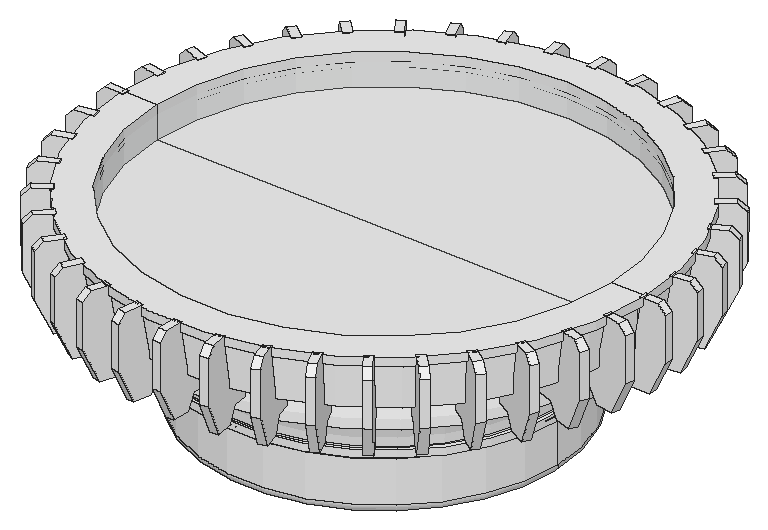
Revit family "HBLHO", category Lighting Fixtures, host Face, Revit 2014
Parameters
  Wattage Comments = "169W"  # constant formula
  Wattage = 112 W
  Watt = 169 W  # constant formula
  Warranty = "5 Year Warranty"
  built-in parameter 1150110 = 1 (stored number, unit not read)
  Voltage = 120 V
  URL = "http://www.hubbellindustrial.com/"
  built-in parameter 1114217 = 1 (stored number, unit not read)
  Tilt Angle = -90.00°
  built-in parameter 1150109 = 1 (stored number, unit not read)
  built-in parameter 1150134 = 2
  built-in parameter 1150113 = 1 (stored number, unit not read)
  Product Page URL = "https://www.hubbell.com/hubbellindustriallighting/en/Products/Lighting-Controls/Industrial-Lighting/Surface/HBLHO/p/212407"
  Product Documentation Link = "https://hubbellcdn.com/specsheet/hil_hblho_spec.pdf"
  Power Factor = 1
  Photometric Web File = "HBLHO72LUA25KN070WH.ies"
  Optics = "Narrow"
  Mounting Type = "Pendant, Wall, Ceiling, Stanchion, Cone"  # constant formula
  Model = "HBLHO"  # constant formula
  Material Finish = Paint - Hubbell - White Texture
  Manufacturer = "Hubbell Industrial Lighting"  # constant formula
  built-in parameter 1150105 = 811.05 (stored number, unit not read)
  Lumens = 10192 lm
  built-in parameter 1150115 = 1 (stored number, unit not read)
  Load Classification = Lighting
  built-in parameter 1150137 = (empty or 0)
  built-in parameter 1150139 = (empty or 0)
  built-in parameter 1150112 = 1 (stored number, unit not read)
  built-in parameter 1150114 = 1 (stored number, unit not read)
  Lamp = "LED"
  built-in parameter 1150132 = (empty or 0)
  built-in parameter 1150102 = (empty or 0)
  built-in parameter 1150107 = 5000 (stored number, unit not read)
  built-in parameter 1150138 = (empty or 0)
  built-in parameter 1150106 = 8.1105 (stored number, unit not read)
  IP Rating = "IP56"  # constant formula
  Glass = Hubbell - Glass
  Fastners = Paint - Hubbell - Light Silver
  Environmental Conditions = "Corrosive, Damp Location, Wet Location"  # constant formula
  Emit from Circle Diameter = 11.000"
  Emit Shape Visible in Rendering = no
  built-in parameter 1150104 = 8.4542 (stored number, unit not read)
  Dimming Protocol = "0-10V"
  Dimming Lamp Color Temperature Shift = <None>
  Description = "The HBLHO LED High Bay is designed to efficiently light any large interior space such as heavy industrial settings, warehouses, gyms, churches, swimming pools/natatorium and shopping malls."  # constant formula
  Default Elevation = 48.000"
  Contact us = "https://www.hubbell.com/hubbellindustriallighting/en/contactUs?productId=212407"
  Color Filter = 16777215
  Certification = "UL Sanitation certified per NSF standards,CSA,Wet Listed,Damp Listed,IP Rated,Food Processing (NSF)"  # constant formula
  built-in parameter 1114218 = 1 (stored number, unit not read)
  built-in parameter 1150133 = 10 (stored number, unit not read)
  Application = "Convention Center, Gymnasiums, Heavy Industrial"  # constant formula
  Apparent Load = Watt / Power Factor  # 169 VA
Reference planes (in)
  plane 1 "Center (Front/Back)": y = 0
  plane 2: z = 0
  plane 3 "Center (Left/Right)": x = 0
  plane 4: z = 8
  plane 5: x = -7
  plane 6: x = 7
  plane 7: y = 1
  plane 8: y = -1
  plane 9: x = -5.5
  plane 10: x = 5.5
  plane 11: z = 13
Dimensions and locks (in)
  plane 4 to plane 2 = 8.000"
  equal spacing: plane 7, plane 1 "Center (Front/Back)", plane 8
  locked: plane 7 to plane 8 at 2
  equal spacing: plane 6, plane 3 "Center (Left/Right)", plane 5, locked at 7 each
  plane 6 to plane 5 = 14.000"
  plane 10 to plane 9 = 11.000"
  aligned and locked: plane 2 to host face
  aligned and locked: level to host face
  aligned and locked: nested 1 to plane 3 "Center (Left/Right)"
  aligned and locked: nested 1 to plane 1 "Center (Front/Back)"
  aligned and locked: plane 3 "Center (Left/Right)" to imposter light
  aligned and locked: imposter light to plane 1 "Center (Front/Back)"
Automatic sketch dimensions
  host sketch curve to host sketch curve = 96.000"  (x2)
Nested families (in)
  nested 1: "KHL" at (0, 0, 7.25) x (-1, 0, 0) z (0, 0, 1), type "KHL"
Connectors (in)
  electrical at (0, 0, 7.25), driven by "Load Classification", driven by "Voltage", driven by "Apparent Load", driven by "Power Factor"
    settings: on nested 1, index 1, voltage 120 V, apparent load 169 VA, apparent load phase1 0 VA, apparent load phase2 0 VA, apparent load phase3 0 VA, power factor 1, load classification "Lighting", number of poles 1, system type 30, power factor state 1, is connector primary yes, connector utility no, sub classification motor no, connector description "Lighting Connector"
Definition of nested family "KHL"
  Parameters (values of type "KHL")
    Wattage Comments = ""
    URL = ""
    Model = ""
    Material Finish = Paint - Hubbell - White Texture
    Manufacturer = ""
    Lamp = ""
    IES FILE LINK = ""
    Glass = Hubbell - Glass
    Description = ""
    Default Elevation = 48.000"
    Apparent Load = 0 VA
  Reference planes (in)
    plane 1 "Center (Front/Back)": y = 0
    plane 2: z = 0
    plane 3 "Center (Left/Right)": x = 0
    plane 4: z = 6
    plane 5: x = -7.25
    plane 6: x = 7.25
    plane 7: x = -5.5
    plane 8: x = 5.5
    plane 9: x = -9
    plane 10: x = 9
    plane 11: y = -9
    plane 12: y = 9
    plane 13: x = -9
    plane 14: x = 9
    plane 15: through (-8.8892, 1.40791, -18.06561) normal (-0.9877, 0.1564, 0)
    plane 16: through (8.8892, -1.40791, -18.06561) normal (-0.9877, 0.1564, 0)
    plane 17: through (-8.55951, 2.78115, -18.06561) normal (-0.9511, 0.309, 0)
    plane 18: through (8.55951, -2.78115, -18.06561) normal (-0.9511, 0.309, 0)
    plane 19: through (-8.01906, 4.08591, -18.06561) normal (-0.891, 0.454, 0)
    plane 20: through (8.01906, -4.08591, -18.06561) normal (-0.891, 0.454, 0)
    plane 21: through (-7.28115, 5.29007, -18.06561) normal (-0.809, 0.5878, 0)
    plane 22: through (7.28115, -5.29007, -18.06561) normal (-0.809, 0.5878, 0)
    plane 23: through (-6.36396, 6.36396, -18.06561) normal (-0.7071, 0.7071, 0)
    plane 24: through (6.36396, -6.36396, -18.06561) normal (-0.7071, 0.7071, 0)
    plane 25: through (-5.29007, 7.28115, -18.06561) normal (-0.5878, 0.809, 0)
    plane 26: through (5.29007, -7.28115, -18.06561) normal (-0.5878, 0.809, 0)
    plane 27: through (-4.08591, 8.01906, -18.06561) normal (-0.454, 0.891, 0)
    plane 28: through (4.08591, -8.01906, -18.06561) normal (-0.454, 0.891, 0)
    plane 29: through (-2.78115, 8.55951, -18.06561) normal (-0.309, 0.9511, 0)
    plane 30: through (2.78115, -8.55951, -18.06561) normal (-0.309, 0.9511, 0)
    plane 31: through (-1.40791, 8.8892, -18.06561) normal (-0.1564, 0.9877, 0)
    plane 32: through (1.40791, -8.8892, -18.06561) normal (-0.1564, 0.9877, 0)
    plane 33: y = 9
    plane 34: y = -9
    plane 35: through (1.40791, 8.8892, -18.06561) normal (0.1564, 0.9877, 0)
    plane 36: through (-1.40791, -8.8892, -18.06561) normal (0.1564, 0.9877, 0)
    plane 37: through (2.78115, 8.55951, -18.06561) normal (0.309, 0.9511, 0)
    plane 38: through (-2.78115, -8.55951, -18.06561) normal (0.309, 0.9511, 0)
    plane 39: through (4.08591, 8.01906, -18.06561) normal (0.454, 0.891, 0)
    plane 40: through (-4.08591, -8.01906, -18.06561) normal (0.454, 0.891, 0)
    plane 41: through (5.29007, 7.28115, -18.06561) normal (0.5878, 0.809, 0)
    plane 42: through (-5.29007, -7.28115, -18.06561) normal (0.5878, 0.809, 0)
    plane 43: through (6.36396, 6.36396, -18.06561) normal (0.7071, 0.7071, 0)
    plane 44: through (-6.36396, -6.36396, -18.06561) normal (0.7071, 0.7071, 0)
    plane 45: through (7.28115, 5.29007, -18.06561) normal (0.809, 0.5878, 0)
    plane 46: through (-7.28115, -5.29007, -18.06561) normal (0.809, 0.5878, 0)
    plane 47: through (8.01906, 4.08591, -18.06561) normal (0.891, 0.454, 0)
    plane 48: through (-8.01906, -4.08591, -18.06561) normal (0.891, 0.454, 0)
    plane 49: through (8.55951, 2.78115, -18.06561) normal (0.9511, 0.309, 0)
    plane 50: through (-8.55951, -2.78115, -18.06561) normal (0.9511, 0.309, 0)
    plane 51: through (8.8892, 1.40791, -18.06561) normal (0.9877, 0.1564, 0)
    plane 52: through (-8.8892, -1.40791, -18.06561) normal (0.9877, 0.1564, 0)
    plane 53: x = 9
    plane 54: x = -9
    plane 55: through (8.8892, -1.40791, -18.06561) normal (0.9877, -0.1564, 0)
    plane 56: through (-8.8892, 1.40791, -18.06561) normal (0.9877, -0.1564, 0)
    plane 57: through (8.55951, -2.78115, -18.06561) normal (0.9511, -0.309, 0)
    plane 58: through (-8.55951, 2.78115, -18.06561) normal (0.9511, -0.309, 0)
    plane 59: through (8.01906, -4.08591, -18.06561) normal (0.891, -0.454, 0)
    plane 60: through (-8.01906, 4.08591, -18.06561) normal (0.891, -0.454, 0)
    plane 61: through (7.28115, -5.29007, -18.06561) normal (0.809, -0.5878, 0)
    plane 62: through (-7.28115, 5.29007, -18.06561) normal (0.809, -0.5878, 0)
    plane 63: through (6.36396, -6.36396, -18.06561) normal (0.7071, -0.7071, 0)
    plane 64: through (-6.36396, 6.36396, -18.06561) normal (0.7071, -0.7071, 0)
    plane 65: through (5.29007, -7.28115, -18.06561) normal (0.5878, -0.809, 0)
    plane 66: through (-5.29007, 7.28115, -18.06561) normal (0.5878, -0.809, 0)
    plane 67: through (4.08591, -8.01906, -18.06561) normal (0.454, -0.891, 0)
    plane 68: through (-4.08591, 8.01906, -18.06561) normal (0.454, -0.891, 0)
    plane 69: through (2.78115, -8.55951, -18.06561) normal (0.309, -0.9511, 0)
    plane 70: through (-2.78115, 8.55951, -18.06561) normal (0.309, -0.9511, 0)
    plane 71: through (1.40791, -8.8892, -18.06561) normal (0.1564, -0.9877, 0)
    plane 72: through (-1.40791, 8.8892, -18.06561) normal (0.1564, -0.9877, 0)
    plane 73: through (-1.40791, -8.8892, -18.06561) normal (-0.1564, -0.9877, 0)
    plane 74: through (1.40791, 8.8892, -18.06561) normal (-0.1564, -0.9877, 0)
    plane 75: through (-2.78115, -8.55951, -18.06561) normal (-0.309, -0.9511, 0)
    plane 76: through (2.78115, 8.55951, -18.06561) normal (-0.309, -0.9511, 0)
    plane 77: through (-4.08591, -8.01906, -18.06561) normal (-0.454, -0.891, 0)
    plane 78: through (4.08591, 8.01906, -18.06561) normal (-0.454, -0.891, 0)
    plane 79: through (-5.29007, -7.28115, -18.06561) normal (-0.5878, -0.809, 0)
    plane 80: through (5.29007, 7.28115, -18.06561) normal (-0.5878, -0.809, 0)
    plane 81: through (-6.36396, -6.36396, -18.06561) normal (-0.7071, -0.7071, 0)
    plane 82: through (6.36396, 6.36396, -18.06561) normal (-0.7071, -0.7071, 0)
    plane 83: through (-7.28115, -5.29007, -18.06561) normal (-0.809, -0.5878, 0)
    plane 84: through (7.28115, 5.29007, -18.06561) normal (-0.809, -0.5878, 0)
    plane 85: through (-8.01906, -4.08591, -18.06561) normal (-0.891, -0.454, 0)
    plane 86: through (8.01906, 4.08591, -18.06561) normal (-0.891, -0.454, 0)
    plane 87: through (-8.55951, -2.78115, -18.06561) normal (-0.9511, -0.309, 0)
    plane 88: through (8.55951, 2.78115, -18.06561) normal (-0.9511, -0.309, 0)
    plane 89: through (-8.8892, -1.40791, -18.06561) normal (-0.9877, -0.1564, 0)
    plane 90: through (8.8892, 1.40791, -18.06561) normal (-0.9877, -0.1564, 0)
  Forms (in)
    Extrusion 1, solid
      sketch origin (0, 0, 0) x (1, 0, 0) y (0, 1, 0)
        loop
          line (-48, 48) -> (-48, -48) -> (48, -48) -> (48, 48) -> (-48, 48)
      from 0 to -12
    Revolve 2, solid, material "Paint - Hubbell - White Texture" <- "Material Finish"
      sketch origin (0, 0, 0) x (1, 0, 0) y (0, 0, 1)
        loop
          line (5.5, 0.25) -> (5.5, 1.56868)
          arc (5.5, 1.56868) -> (5.55311, 1.69689) -> (5.68132, 1.75) r 0.18132
          line (5.68132, 1.75) -> (5.79677, 1.75) -> (5.79677, 1.97746) -> (5.6875, 1.97746) -> (5.6875, 2.0276)
          arc (5.6875, 2.0276) -> (6.08214, 2.98036) -> (7.0349, 3.375) r 1.3474
          line (7.0349, 3.375) -> (7.23385, 3.375)
          arc (7.23385, 3.375) -> (7.12959, 3.90778) -> (6.83219, 4.36196) r 1.4134
          line (6.83219, 4.36196) -> (6.83219, 4.43504) -> (8.03125, 4.43504) -> (8.03125, 5.74507) -> (8.28125, 5.74507) -> (8.28125, 6) -> (7.20302, 6) -> (7.20302, 5) -> (0, 5) -> (0, 0) -> (5.25, 0)
          arc (5.25, 0) -> (5.42678, 0.07322) -> (5.5, 0.25) r 0.25
        axis (0, 6) -> (0, 0)
      angle from 0 to 360
    Extrusion 3, solid, material "Hubbell - Glass" <- "Glass"
      sketch origin (0, 0, 0) x (1, 0, 0) y (0, 1, 0)
        loop
          circle (0, 0) r 7.20302
      from 5.71977 to 5.56262
    Extrusion 4, solid, material "Paint - Hubbell - White Texture" <- "Material Finish"
      sketch origin (1.75, 0, 0) x (1, 0, 0) y (0, 0, 1)
        loop
          line (6.42821, 6) -> (6.42821, 5.59247) -> (6.23107, 4.59805) -> (5.43029, 4.59805) -> (5.43029, 3.78903) -> (5.9375, 3.78903) -> (6.1875, 3.35602) -> (6.75, 3.35602) -> (7.25, 4.38117) -> (7.25, 5.75) -> (7, 6) -> (6.42821, 6)
      from 0.125 to -0.125
    Extrusion 5, solid, material "Paint - Hubbell - White Texture" <- "Material Finish"
      sketch origin (1.72845, -0.27376, 0) x (0.987688, -0.156434, 0) y (0, 0, 1)
        loop
          line (6.42821, 6) -> (6.42821, 5.59247) -> (6.23107, 4.59805) -> (5.43029, 4.59805) -> (5.43029, 3.78903) -> (5.9375, 3.78903) -> (6.1875, 3.35602) -> (6.75, 3.35602) -> (7.25, 4.38117) -> (7.25, 5.75) -> (7, 6) -> (6.42821, 6)
      from 0.125 to -0.125
    Extrusion 6, solid, material "Paint - Hubbell - White Texture" <- "Material Finish"
      sketch origin (1.66435, -0.54078, 0) x (0.951057, -0.309017, 0) y (0, 0, 1)
        loop
          line (6.42821, 6) -> (6.42821, 5.59247) -> (6.23107, 4.59805) -> (5.43029, 4.59805) -> (5.43029, 3.78903) -> (5.9375, 3.78903) -> (6.1875, 3.35602) -> (6.75, 3.35602) -> (7.25, 4.38117) -> (7.25, 5.75) -> (7, 6) -> (6.42821, 6)
      from 0.125 to -0.125
    Extrusion 7, solid, material "Paint - Hubbell - White Texture" <- "Material Finish"
      sketch origin (1.55926, -0.79448, 0) x (0.891007, -0.45399, 0) y (0, 0, 1)
        loop
          line (6.42821, 6) -> (6.42821, 5.59247) -> (6.23107, 4.59805) -> (5.43029, 4.59805) -> (5.43029, 3.78903) -> (5.9375, 3.78903) -> (6.1875, 3.35602) -> (6.75, 3.35602) -> (7.25, 4.38117) -> (7.25, 5.75) -> (7, 6) -> (6.42821, 6)
      from 0.125 to -0.125
    Extrusion 8, solid, material "Paint - Hubbell - White Texture" <- "Material Finish"
      sketch origin (1.41578, -1.02862, 0) x (0.809017, -0.587785, 0) y (0, 0, 1)
        loop
          line (6.42821, 6) -> (6.42821, 5.59247) -> (6.23107, 4.59805) -> (5.43029, 4.59805) -> (5.43029, 3.78903) -> (5.9375, 3.78903) -> (6.1875, 3.35602) -> (6.75, 3.35602) -> (7.25, 4.38117) -> (7.25, 5.75) -> (7, 6) -> (6.42821, 6)
      from 0.125 to -0.125
    Extrusion 9, solid, material "Paint - Hubbell - White Texture" <- "Material Finish"
      sketch origin (1.23744, -1.23744, 0) x (0.707107, -0.707107, 0) y (0, 0, 1)
        loop
          line (6.42821, 6) -> (6.42821, 5.59247) -> (6.23107, 4.59805) -> (5.43029, 4.59805) -> (5.43029, 3.78903) -> (5.9375, 3.78903) -> (6.1875, 3.35602) -> (6.75, 3.35602) -> (7.25, 4.38117) -> (7.25, 5.75) -> (7, 6) -> (6.42821, 6)
      from 0.125 to -0.125
    Extrusion 10, solid, material "Paint - Hubbell - White Texture" <- "Material Finish"
      sketch origin (1.02862, -1.41578, 0) x (0.587785, -0.809017, 0) y (0, 0, 1)
        loop
          line (6.42821, 6) -> (6.42821, 5.59247) -> (6.23107, 4.59805) -> (5.43029, 4.59805) -> (5.43029, 3.78903) -> (5.9375, 3.78903) -> (6.1875, 3.35602) -> (6.75, 3.35602) -> (7.25, 4.38117) -> (7.25, 5.75) -> (7, 6) -> (6.42821, 6)
      from 0.125 to -0.125
    Extrusion 11, solid, material "Paint - Hubbell - White Texture" <- "Material Finish"
      sketch origin (0.79448, -1.55926, 0) x (0.45399, -0.891007, 0) y (0, 0, 1)
        loop
          line (6.42821, 6) -> (6.42821, 5.59247) -> (6.23107, 4.59805) -> (5.43029, 4.59805) -> (5.43029, 3.78903) -> (5.9375, 3.78903) -> (6.1875, 3.35602) -> (6.75, 3.35602) -> (7.25, 4.38117) -> (7.25, 5.75) -> (7, 6) -> (6.42821, 6)
      from 0.125 to -0.125
    Extrusion 12, solid, material "Paint - Hubbell - White Texture" <- "Material Finish"
      sketch origin (0.54078, -1.66435, 0) x (0.309017, -0.951057, 0) y (0, 0, 1)
        loop
          line (6.42821, 6) -> (6.42821, 5.59247) -> (6.23107, 4.59805) -> (5.43029, 4.59805) -> (5.43029, 3.78903) -> (5.9375, 3.78903) -> (6.1875, 3.35602) -> (6.75, 3.35602) -> (7.25, 4.38117) -> (7.25, 5.75) -> (7, 6) -> (6.42821, 6)
      from 0.125 to -0.125
    Extrusion 13, solid, material "Paint - Hubbell - White Texture" <- "Material Finish"
      sketch origin (0.27376, -1.72845, 0) x (0.156434, -0.987688, 0) y (0, 0, 1)
        loop
          line (6.42821, 6) -> (6.42821, 5.59247) -> (6.23107, 4.59805) -> (5.43029, 4.59805) -> (5.43029, 3.78903) -> (5.9375, 3.78903) -> (6.1875, 3.35602) -> (6.75, 3.35602) -> (7.25, 4.38117) -> (7.25, 5.75) -> (7, 6) -> (6.42821, 6)
      from 0.125 to -0.125
    Extrusion 14, solid, material "Paint - Hubbell - White Texture" <- "Material Finish"
      sketch origin (0, -1.75, 0) x (0, -1, 0) y (0, 0, 1)
        loop
          line (6.42821, 6) -> (6.42821, 5.59247) -> (6.23107, 4.59805) -> (5.43029, 4.59805) -> (5.43029, 3.78903) -> (5.9375, 3.78903) -> (6.1875, 3.35602) -> (6.75, 3.35602) -> (7.25, 4.38117) -> (7.25, 5.75) -> (7, 6) -> (6.42821, 6)
      from 0.125 to -0.125
    Extrusion 15, solid, material "Paint - Hubbell - White Texture" <- "Material Finish"
      sketch origin (-0.27376, -1.72845, 0) x (-0.156434, -0.987688, 0) y (0, 0, 1)
        loop
          line (6.42821, 6) -> (6.42821, 5.59247) -> (6.23107, 4.59805) -> (5.43029, 4.59805) -> (5.43029, 3.78903) -> (5.9375, 3.78903) -> (6.1875, 3.35602) -> (6.75, 3.35602) -> (7.25, 4.38117) -> (7.25, 5.75) -> (7, 6) -> (6.42821, 6)
      from 0.125 to -0.125
    Extrusion 16, solid, material "Paint - Hubbell - White Texture" <- "Material Finish"
      sketch origin (-0.54078, -1.66435, 0) x (-0.309017, -0.951057, 0) y (0, 0, 1)
        loop
          line (6.42821, 6) -> (6.42821, 5.59247) -> (6.23107, 4.59805) -> (5.43029, 4.59805) -> (5.43029, 3.78903) -> (5.9375, 3.78903) -> (6.1875, 3.35602) -> (6.75, 3.35602) -> (7.25, 4.38117) -> (7.25, 5.75) -> (7, 6) -> (6.42821, 6)
      from 0.125 to -0.125
    Extrusion 17, solid, material "Paint - Hubbell - White Texture" <- "Material Finish"
      sketch origin (-0.79448, -1.55926, 0) x (-0.45399, -0.891007, 0) y (0, 0, 1)
        loop
          line (6.42821, 6) -> (6.42821, 5.59247) -> (6.23107, 4.59805) -> (5.43029, 4.59805) -> (5.43029, 3.78903) -> (5.9375, 3.78903) -> (6.1875, 3.35602) -> (6.75, 3.35602) -> (7.25, 4.38117) -> (7.25, 5.75) -> (7, 6) -> (6.42821, 6)
      from 0.125 to -0.125
    Extrusion 18, solid, material "Paint - Hubbell - White Texture" <- "Material Finish"
      sketch origin (-1.02862, -1.41578, 0) x (-0.587785, -0.809017, 0) y (0, 0, 1)
        loop
          line (6.42821, 6) -> (6.42821, 5.59247) -> (6.23107, 4.59805) -> (5.43029, 4.59805) -> (5.43029, 3.78903) -> (5.9375, 3.78903) -> (6.1875, 3.35602) -> (6.75, 3.35602) -> (7.25, 4.38117) -> (7.25, 5.75) -> (7, 6) -> (6.42821, 6)
      from 0.125 to -0.125
    Extrusion 19, solid, material "Paint - Hubbell - White Texture" <- "Material Finish"
      sketch origin (-1.23744, -1.23744, 0) x (-0.707107, -0.707107, 0) y (0, 0, 1)
        loop
          line (6.42821, 6) -> (6.42821, 5.59247) -> (6.23107, 4.59805) -> (5.43029, 4.59805) -> (5.43029, 3.78903) -> (5.9375, 3.78903) -> (6.1875, 3.35602) -> (6.75, 3.35602) -> (7.25, 4.38117) -> (7.25, 5.75) -> (7, 6) -> (6.42821, 6)
      from 0.125 to -0.125
    Extrusion 20, solid, material "Paint - Hubbell - White Texture" <- "Material Finish"
      sketch origin (-1.41578, -1.02862, 0) x (-0.809017, -0.587785, 0) y (0, 0, 1)
        loop
          line (6.42821, 6) -> (6.42821, 5.59247) -> (6.23107, 4.59805) -> (5.43029, 4.59805) -> (5.43029, 3.78903) -> (5.9375, 3.78903) -> (6.1875, 3.35602) -> (6.75, 3.35602) -> (7.25, 4.38117) -> (7.25, 5.75) -> (7, 6) -> (6.42821, 6)
      from 0.125 to -0.125
    Extrusion 21, solid, material "Paint - Hubbell - White Texture" <- "Material Finish"
      sketch origin (-1.55926, -0.79448, 0) x (-0.891007, -0.45399, 0) y (0, 0, 1)
        loop
          line (6.42821, 6) -> (6.42821, 5.59247) -> (6.23107, 4.59805) -> (5.43029, 4.59805) -> (5.43029, 3.78903) -> (5.9375, 3.78903) -> (6.1875, 3.35602) -> (6.75, 3.35602) -> (7.25, 4.38117) -> (7.25, 5.75) -> (7, 6) -> (6.42821, 6)
      from 0.125 to -0.125
    Extrusion 22, solid, material "Paint - Hubbell - White Texture" <- "Material Finish"
      sketch origin (-1.66435, -0.54078, 0) x (-0.951057, -0.309017, 0) y (0, 0, 1)
        loop
          line (6.42821, 6) -> (6.42821, 5.59247) -> (6.23107, 4.59805) -> (5.43029, 4.59805) -> (5.43029, 3.78903) -> (5.9375, 3.78903) -> (6.1875, 3.35602) -> (6.75, 3.35602) -> (7.25, 4.38117) -> (7.25, 5.75) -> (7, 6) -> (6.42821, 6)
      from 0.125 to -0.125
    Extrusion 23, solid, material "Paint - Hubbell - White Texture" <- "Material Finish"
      sketch origin (-1.72845, -0.27376, 0) x (-0.987688, -0.156434, 0) y (0, 0, 1)
        loop
          line (6.42821, 6) -> (6.42821, 5.59247) -> (6.23107, 4.59805) -> (5.43029, 4.59805) -> (5.43029, 3.78903) -> (5.9375, 3.78903) -> (6.1875, 3.35602) -> (6.75, 3.35602) -> (7.25, 4.38117) -> (7.25, 5.75) -> (7, 6) -> (6.42821, 6)
      from 0.125 to -0.125
    Extrusion 24, solid, material "Paint - Hubbell - White Texture" <- "Material Finish"
      sketch origin (-1.75, 0, 0) x (-1, 0, 0) y (0, 0, 1)
        loop
          line (6.42821, 6) -> (6.42821, 5.59247) -> (6.23107, 4.59805) -> (5.43029, 4.59805) -> (5.43029, 3.78903) -> (5.9375, 3.78903) -> (6.1875, 3.35602) -> (6.75, 3.35602) -> (7.25, 4.38117) -> (7.25, 5.75) -> (7, 6) -> (6.42821, 6)
      from 0.125 to -0.125
    Extrusion 25, solid, material "Paint - Hubbell - White Texture" <- "Material Finish"
      sketch origin (-1.72845, 0.27376, 0) x (-0.987688, 0.156434, 0) y (0, 0, 1)
        loop
          line (6.42821, 6) -> (6.42821, 5.59247) -> (6.23107, 4.59805) -> (5.43029, 4.59805) -> (5.43029, 3.78903) -> (5.9375, 3.78903) -> (6.1875, 3.35602) -> (6.75, 3.35602) -> (7.25, 4.38117) -> (7.25, 5.75) -> (7, 6) -> (6.42821, 6)
      from 0.125 to -0.125
    Extrusion 26, solid, material "Paint - Hubbell - White Texture" <- "Material Finish"
      sketch origin (-1.66435, 0.54078, 0) x (-0.951057, 0.309017, 0) y (0, 0, 1)
        loop
          line (6.42821, 6) -> (6.42821, 5.59247) -> (6.23107, 4.59805) -> (5.43029, 4.59805) -> (5.43029, 3.78903) -> (5.9375, 3.78903) -> (6.1875, 3.35602) -> (6.75, 3.35602) -> (7.25, 4.38117) -> (7.25, 5.75) -> (7, 6) -> (6.42821, 6)
      from 0.125 to -0.125
    Extrusion 27, solid, material "Paint - Hubbell - White Texture" <- "Material Finish"
      sketch origin (-1.55926, 0.79448, 0) x (-0.891007, 0.45399, 0) y (0, 0, 1)
        loop
          line (6.42821, 6) -> (6.42821, 5.59247) -> (6.23107, 4.59805) -> (5.43029, 4.59805) -> (5.43029, 3.78903) -> (5.9375, 3.78903) -> (6.1875, 3.35602) -> (6.75, 3.35602) -> (7.25, 4.38117) -> (7.25, 5.75) -> (7, 6) -> (6.42821, 6)
      from 0.125 to -0.125
    Extrusion 28, solid, material "Paint - Hubbell - White Texture" <- "Material Finish"
      sketch origin (-1.41578, 1.02862, 0) x (-0.809017, 0.587785, 0) y (0, 0, 1)
        loop
          line (6.42821, 6) -> (6.42821, 5.59247) -> (6.23107, 4.59805) -> (5.43029, 4.59805) -> (5.43029, 3.78903) -> (5.9375, 3.78903) -> (6.1875, 3.35602) -> (6.75, 3.35602) -> (7.25, 4.38117) -> (7.25, 5.75) -> (7, 6) -> (6.42821, 6)
      from 0.125 to -0.125
    Extrusion 29, solid, material "Paint - Hubbell - White Texture" <- "Material Finish"
      sketch origin (-1.23744, 1.23744, 0) x (-0.707107, 0.707107, 0) y (0, 0, 1)
        loop
          line (6.42821, 6) -> (6.42821, 5.59247) -> (6.23107, 4.59805) -> (5.43029, 4.59805) -> (5.43029, 3.78903) -> (5.9375, 3.78903) -> (6.1875, 3.35602) -> (6.75, 3.35602) -> (7.25, 4.38117) -> (7.25, 5.75) -> (7, 6) -> (6.42821, 6)
      from 0.125 to -0.125
    Extrusion 30, solid, material "Paint - Hubbell - White Texture" <- "Material Finish"
      sketch origin (-1.02862, 1.41578, 0) x (-0.587785, 0.809017, 0) y (0, 0, 1)
        loop
          line (6.42821, 6) -> (6.42821, 5.59247) -> (6.23107, 4.59805) -> (5.43029, 4.59805) -> (5.43029, 3.78903) -> (5.9375, 3.78903) -> (6.1875, 3.35602) -> (6.75, 3.35602) -> (7.25, 4.38117) -> (7.25, 5.75) -> (7, 6) -> (6.42821, 6)
      from 0.125 to -0.125
    Extrusion 31, solid, material "Paint - Hubbell - White Texture" <- "Material Finish"
      sketch origin (-0.79448, 1.55926, 0) x (-0.45399, 0.891007, 0) y (0, 0, 1)
        loop
          line (6.42821, 6) -> (6.42821, 5.59247) -> (6.23107, 4.59805) -> (5.43029, 4.59805) -> (5.43029, 3.78903) -> (5.9375, 3.78903) -> (6.1875, 3.35602) -> (6.75, 3.35602) -> (7.25, 4.38117) -> (7.25, 5.75) -> (7, 6) -> (6.42821, 6)
      from 0.125 to -0.125
    Extrusion 32, solid, material "Paint - Hubbell - White Texture" <- "Material Finish"
      sketch origin (-0.54078, 1.66435, 0) x (-0.309017, 0.951057, 0) y (0, 0, 1)
        loop
          line (6.42821, 6) -> (6.42821, 5.59247) -> (6.23107, 4.59805) -> (5.43029, 4.59805) -> (5.43029, 3.78903) -> (5.9375, 3.78903) -> (6.1875, 3.35602) -> (6.75, 3.35602) -> (7.25, 4.38117) -> (7.25, 5.75) -> (7, 6) -> (6.42821, 6)
      from 0.125 to -0.125
    Extrusion 33, solid, material "Paint - Hubbell - White Texture" <- "Material Finish"
      sketch origin (-0.27376, 1.72845, 0) x (-0.156434, 0.987688, 0) y (0, 0, 1)
        loop
          line (6.42821, 6) -> (6.42821, 5.59247) -> (6.23107, 4.59805) -> (5.43029, 4.59805) -> (5.43029, 3.78903) -> (5.9375, 3.78903) -> (6.1875, 3.35602) -> (6.75, 3.35602) -> (7.25, 4.38117) -> (7.25, 5.75) -> (7, 6) -> (6.42821, 6)
      from 0.125 to -0.125
    Extrusion 34, solid, material "Paint - Hubbell - White Texture" <- "Material Finish"
      sketch origin (0, 1.75, 0) x (0, 1, 0) y (0, 0, 1)
        loop
          line (6.42821, 6) -> (6.42821, 5.59247) -> (6.23107, 4.59805) -> (5.43029, 4.59805) -> (5.43029, 3.78903) -> (5.9375, 3.78903) -> (6.1875, 3.35602) -> (6.75, 3.35602) -> (7.25, 4.38117) -> (7.25, 5.75) -> (7, 6) -> (6.42821, 6)
      from 0.125 to -0.125
    Extrusion 35, solid, material "Paint - Hubbell - White Texture" <- "Material Finish"
      sketch origin (0.27376, 1.72845, 0) x (0.156434, 0.987688, 0) y (0, 0, 1)
        loop
          line (6.42821, 6) -> (6.42821, 5.59247) -> (6.23107, 4.59805) -> (5.43029, 4.59805) -> (5.43029, 3.78903) -> (5.9375, 3.78903) -> (6.1875, 3.35602) -> (6.75, 3.35602) -> (7.25, 4.38117) -> (7.25, 5.75) -> (7, 6) -> (6.42821, 6)
      from 0.125 to -0.125
    Extrusion 36, solid, material "Paint - Hubbell - White Texture" <- "Material Finish"
      sketch origin (0.54078, 1.66435, 0) x (0.309017, 0.951057, 0) y (0, 0, 1)
        loop
          line (6.42821, 6) -> (6.42821, 5.59247) -> (6.23107, 4.59805) -> (5.43029, 4.59805) -> (5.43029, 3.78903) -> (5.9375, 3.78903) -> (6.1875, 3.35602) -> (6.75, 3.35602) -> (7.25, 4.38117) -> (7.25, 5.75) -> (7, 6) -> (6.42821, 6)
      from 0.125 to -0.125
    Extrusion 37, solid, material "Paint - Hubbell - White Texture" <- "Material Finish"
      sketch origin (0.79448, 1.55926, 0) x (0.45399, 0.891007, 0) y (0, 0, 1)
        loop
          line (6.42821, 6) -> (6.42821, 5.59247) -> (6.23107, 4.59805) -> (5.43029, 4.59805) -> (5.43029, 3.78903) -> (5.9375, 3.78903) -> (6.1875, 3.35602) -> (6.75, 3.35602) -> (7.25, 4.38117) -> (7.25, 5.75) -> (7, 6) -> (6.42821, 6)
      from 0.125 to -0.125
    Extrusion 38, solid, material "Paint - Hubbell - White Texture" <- "Material Finish"
      sketch origin (1.02862, 1.41578, 0) x (0.587785, 0.809017, 0) y (0, 0, 1)
        loop
          line (6.42821, 6) -> (6.42821, 5.59247) -> (6.23107, 4.59805) -> (5.43029, 4.59805) -> (5.43029, 3.78903) -> (5.9375, 3.78903) -> (6.1875, 3.35602) -> (6.75, 3.35602) -> (7.25, 4.38117) -> (7.25, 5.75) -> (7, 6) -> (6.42821, 6)
      from 0.125 to -0.125
    Extrusion 39, solid, material "Paint - Hubbell - White Texture" <- "Material Finish"
      sketch origin (1.23744, 1.23744, 0) x (0.707107, 0.707107, 0) y (0, 0, 1)
        loop
          line (6.42821, 6) -> (6.42821, 5.59247) -> (6.23107, 4.59805) -> (5.43029, 4.59805) -> (5.43029, 3.78903) -> (5.9375, 3.78903) -> (6.1875, 3.35602) -> (6.75, 3.35602) -> (7.25, 4.38117) -> (7.25, 5.75) -> (7, 6) -> (6.42821, 6)
      from 0.125 to -0.125
    Extrusion 40, solid, material "Paint - Hubbell - White Texture" <- "Material Finish"
      sketch origin (1.41578, 1.02862, 0) x (0.809017, 0.587785, 0) y (0, 0, 1)
        loop
          line (6.42821, 6) -> (6.42821, 5.59247) -> (6.23107, 4.59805) -> (5.43029, 4.59805) -> (5.43029, 3.78903) -> (5.9375, 3.78903) -> (6.1875, 3.35602) -> (6.75, 3.35602) -> (7.25, 4.38117) -> (7.25, 5.75) -> (7, 6) -> (6.42821, 6)
      from 0.125 to -0.125
    Extrusion 41, solid, material "Paint - Hubbell - White Texture" <- "Material Finish"
      sketch origin (1.55926, 0.79448, 0) x (0.891007, 0.45399, 0) y (0, 0, 1)
        loop
          line (6.42821, 6) -> (6.42821, 5.59247) -> (6.23107, 4.59805) -> (5.43029, 4.59805) -> (5.43029, 3.78903) -> (5.9375, 3.78903) -> (6.1875, 3.35602) -> (6.75, 3.35602) -> (7.25, 4.38117) -> (7.25, 5.75) -> (7, 6) -> (6.42821, 6)
      from 0.125 to -0.125
    Extrusion 42, solid, material "Paint - Hubbell - White Texture" <- "Material Finish"
      sketch origin (1.66435, 0.54078, 0) x (0.951057, 0.309017, 0) y (0, 0, 1)
        loop
          line (6.42821, 6) -> (6.42821, 5.59247) -> (6.23107, 4.59805) -> (5.43029, 4.59805) -> (5.43029, 3.78903) -> (5.9375, 3.78903) -> (6.1875, 3.35602) -> (6.75, 3.35602) -> (7.25, 4.38117) -> (7.25, 5.75) -> (7, 6) -> (6.42821, 6)
      from 0.125 to -0.125
    Extrusion 43, solid, material "Paint - Hubbell - White Texture" <- "Material Finish"
      sketch origin (1.72845, 0.27376, 0) x (0.987688, 0.156434, 0) y (0, 0, 1)
        loop
          line (6.42821, 6) -> (6.42821, 5.59247) -> (6.23107, 4.59805) -> (5.43029, 4.59805) -> (5.43029, 3.78903) -> (5.9375, 3.78903) -> (6.1875, 3.35602) -> (6.75, 3.35602) -> (7.25, 4.38117) -> (7.25, 5.75) -> (7, 6) -> (6.42821, 6)
      from 0.125 to -0.125
  Lines and regions (in)
    reference lines
      curve 1: line (5.95302, 0, 4.75) -> (0, 0, 4.75)
      curve 2: line (5.95302, 0, 5.92266) -> (5.95302, 0, 4.75)
      curve 3: line (6.59375, 0, 5.37007) -> (6.59375, 0, 5.92266)
      curve 4: line (6.34375, 0, 5.37007) -> (6.59375, 0, 5.37007)
      curve 5: line (6.34375, 0, 4.37254) -> (5.5, 0, 4.37254)
      curve 6: line (6.34375, 0, 4.37254) -> (6.34375, 0, 5.37007)
      curve 7: arc (6.25, 0, 2.75) -> (6.14885, 0, 3.28681) -> (5.85927, 0, 3.75) r 1.47501
      curve 8: line (5.85927, 0, 2.75) -> (6.25, 0, 2.75)
      curve 9: line (5.85927, 0, 2.75) -> (5.85927, 0, 1.75)
      curve 10: line (5.85927, 0, 1.75) -> (4.74529, 0, 1.75)
      curve 11: line (5.85927, 0, 3.75) -> (4.8978, 0, 3.75)
      curve 12: line (5.10824, 0, 5.71977) -> (6.99125, 0, 5.71977)
  Dimensions and locks (in)
    locked: plane 4 to plane 2 at 6
    equal spacing: plane 6, plane 3 "Center (Left/Right)", plane 5
    equal spacing: plane 8, plane 3 "Center (Left/Right)", plane 7, locked at 5.5 each
    plane 4 to plane 2 = 6.000"
    aligned and locked: plane 2 to Extrusion 1
    aligned and locked: level to Extrusion 1
    aligned and locked: Revolve 2 sketch curve to plane 2
    aligned and locked: Extrusion 3 sketch curve to Revolve 2
    aligned and locked: curve 10 to Revolve 2 sketch curve
  Automatic sketch dimensions
    Extrusion 1 sketch curve to Extrusion 1 sketch curve = 96.000"  (x2)
    curve 1 to plane 3 "Center (Left/Right)" = 0.000"
    plane 8 to curve 5 = 0.000"
    plane 8 to curve 10 = 0.75471"
    plane 8 to curve 7 = 0.72501"
    plane 8 to curve 11 = 0.6022"
    plane 8 to curve 12 = 0.39176"
    curve 11 to plane 8 = 0.35927"
    curve 8 to plane 8 = 0.35927"
    curve 2 to plane 4 = 0.07734"
    curve 2 to plane 8 = 0.45302"
    curve 8 to curve 8 = 0.39073"
    curve 1 to curve 6 = 0.39073"
    curve 4 to curve 4 = 0.250"
    plane 6 to curve 12 = 0.25875"
    curve 12 to plane 4 = 0.28023"
    curve 6 to plane 4 = 0.62993"
    curve 2 to curve 4 = 0.62007"
    curve 5 to curve 1 = 0.37746"
    curve 11 to curve 5 = 0.62254"
    curve 9 to curve 8 = 1.000"
    curve 3 to plane 4 = 0.07734"
    Extrusion 4 sketch curve to Extrusion 4 sketch curve = 0.50721"
    Extrusion 4 sketch curve to Extrusion 4 sketch curve = 0.250"  (x3)
    Extrusion 4 sketch curve to Extrusion 4 sketch curve = 0.80078"
    Extrusion 4 sketch curve to Extrusion 4 sketch curve = 0.19714"
    Extrusion 4 sketch curve to Extrusion 4 sketch curve = 0.5625"
    Extrusion 4 sketch curve to Extrusion 4 sketch curve = 0.57179"
    Extrusion 4 sketch curve to Extrusion 4 sketch curve = 0.43301"
    Extrusion 4 sketch curve to Extrusion 4 sketch curve = 1.02515"
    Extrusion 4 sketch curve to Extrusion 4 sketch curve = 0.80901"
    Extrusion 4 sketch curve to Extrusion 4 sketch curve = 0.99442"
    Extrusion 4 sketch curve to Extrusion 4 sketch curve = 0.15753"
    Extrusion 5 sketch curve to Extrusion 5 sketch curve = 0.50721"
    Extrusion 5 sketch curve to Extrusion 5 sketch curve = 0.250"  (x3)
    Extrusion 5 sketch curve to Extrusion 5 sketch curve = 0.80078"
    Extrusion 5 sketch curve to Extrusion 5 sketch curve = 0.19714"
    Extrusion 5 sketch curve to Extrusion 5 sketch curve = 0.5625"
    Extrusion 5 sketch curve to Extrusion 5 sketch curve = 0.57179"
    Extrusion 5 sketch curve to Extrusion 5 sketch curve = 0.43301"
    Extrusion 5 sketch curve to Extrusion 5 sketch curve = 1.02515"
    Extrusion 5 sketch curve to Extrusion 5 sketch curve = 0.80901"
    Extrusion 5 sketch curve to Extrusion 5 sketch curve = 0.99442"
    Extrusion 5 sketch curve to Extrusion 5 sketch curve = 0.15753"
    Extrusion 6 sketch curve to Extrusion 6 sketch curve = 0.50721"
    Extrusion 6 sketch curve to Extrusion 6 sketch curve = 0.250"  (x3)
    Extrusion 6 sketch curve to Extrusion 6 sketch curve = 0.80078"
    Extrusion 6 sketch curve to Extrusion 6 sketch curve = 0.19714"
    Extrusion 6 sketch curve to Extrusion 6 sketch curve = 0.5625"
    Extrusion 6 sketch curve to Extrusion 6 sketch curve = 0.57179"
    Extrusion 6 sketch curve to Extrusion 6 sketch curve = 0.43301"
    Extrusion 6 sketch curve to Extrusion 6 sketch curve = 1.02515"
    Extrusion 6 sketch curve to Extrusion 6 sketch curve = 0.80901"
    Extrusion 6 sketch curve to Extrusion 6 sketch curve = 0.99442"
    Extrusion 6 sketch curve to Extrusion 6 sketch curve = 0.15753"
    Extrusion 7 sketch curve to Extrusion 7 sketch curve = 0.50721"
    Extrusion 7 sketch curve to Extrusion 7 sketch curve = 0.250"  (x3)
    Extrusion 7 sketch curve to Extrusion 7 sketch curve = 0.80078"
    Extrusion 7 sketch curve to Extrusion 7 sketch curve = 0.19714"
    Extrusion 7 sketch curve to Extrusion 7 sketch curve = 0.5625"
    Extrusion 7 sketch curve to Extrusion 7 sketch curve = 0.57179"
    Extrusion 7 sketch curve to Extrusion 7 sketch curve = 0.43301"
    Extrusion 7 sketch curve to Extrusion 7 sketch curve = 1.02515"
    Extrusion 7 sketch curve to Extrusion 7 sketch curve = 0.80901"
    Extrusion 7 sketch curve to Extrusion 7 sketch curve = 0.99442"
    Extrusion 7 sketch curve to Extrusion 7 sketch curve = 0.15753"
    Extrusion 8 sketch curve to Extrusion 8 sketch curve = 0.50721"
    Extrusion 8 sketch curve to Extrusion 8 sketch curve = 0.250"  (x3)
    Extrusion 8 sketch curve to Extrusion 8 sketch curve = 0.80078"
    Extrusion 8 sketch curve to Extrusion 8 sketch curve = 0.19714"
    Extrusion 8 sketch curve to Extrusion 8 sketch curve = 0.5625"
    Extrusion 8 sketch curve to Extrusion 8 sketch curve = 0.57179"
    Extrusion 8 sketch curve to Extrusion 8 sketch curve = 0.43301"
    Extrusion 8 sketch curve to Extrusion 8 sketch curve = 1.02515"
    Extrusion 8 sketch curve to Extrusion 8 sketch curve = 0.80901"
    Extrusion 8 sketch curve to Extrusion 8 sketch curve = 0.99442"
    Extrusion 8 sketch curve to Extrusion 8 sketch curve = 0.15753"
    Extrusion 9 sketch curve to Extrusion 9 sketch curve = 0.50721"
    Extrusion 9 sketch curve to Extrusion 9 sketch curve = 0.250"  (x3)
    Extrusion 9 sketch curve to Extrusion 9 sketch curve = 0.80078"
    Extrusion 9 sketch curve to Extrusion 9 sketch curve = 0.19714"
    Extrusion 9 sketch curve to Extrusion 9 sketch curve = 0.5625"
    Extrusion 9 sketch curve to Extrusion 9 sketch curve = 0.57179"
    Extrusion 9 sketch curve to Extrusion 9 sketch curve = 0.43301"
    Extrusion 9 sketch curve to Extrusion 9 sketch curve = 1.02515"
    Extrusion 9 sketch curve to Extrusion 9 sketch curve = 0.80901"
    Extrusion 9 sketch curve to Extrusion 9 sketch curve = 0.99442"
    Extrusion 9 sketch curve to Extrusion 9 sketch curve = 0.15753"
    Extrusion 10 sketch curve to Extrusion 10 sketch curve = 0.50721"
    Extrusion 10 sketch curve to Extrusion 10 sketch curve = 0.250"  (x3)
    Extrusion 10 sketch curve to Extrusion 10 sketch curve = 0.80078"
    Extrusion 10 sketch curve to Extrusion 10 sketch curve = 0.19714"
    Extrusion 10 sketch curve to Extrusion 10 sketch curve = 0.5625"
    Extrusion 10 sketch curve to Extrusion 10 sketch curve = 0.57179"
    Extrusion 10 sketch curve to Extrusion 10 sketch curve = 0.43301"
    Extrusion 10 sketch curve to Extrusion 10 sketch curve = 1.02515"
    Extrusion 10 sketch curve to Extrusion 10 sketch curve = 0.80901"
    Extrusion 10 sketch curve to Extrusion 10 sketch curve = 0.99442"
    Extrusion 10 sketch curve to Extrusion 10 sketch curve = 0.15753"
    Extrusion 11 sketch curve to Extrusion 11 sketch curve = 0.50721"
    Extrusion 11 sketch curve to Extrusion 11 sketch curve = 0.250"  (x3)
    Extrusion 11 sketch curve to Extrusion 11 sketch curve = 0.80078"
    Extrusion 11 sketch curve to Extrusion 11 sketch curve = 0.19714"
    Extrusion 11 sketch curve to Extrusion 11 sketch curve = 0.5625"
    Extrusion 11 sketch curve to Extrusion 11 sketch curve = 0.57179"
    Extrusion 11 sketch curve to Extrusion 11 sketch curve = 0.43301"
    Extrusion 11 sketch curve to Extrusion 11 sketch curve = 1.02515"
    Extrusion 11 sketch curve to Extrusion 11 sketch curve = 0.80901"
    Extrusion 11 sketch curve to Extrusion 11 sketch curve = 0.99442"
    Extrusion 11 sketch curve to Extrusion 11 sketch curve = 0.15753"
    Extrusion 12 sketch curve to Extrusion 12 sketch curve = 0.50721"
    Extrusion 12 sketch curve to Extrusion 12 sketch curve = 0.250"  (x3)
    Extrusion 12 sketch curve to Extrusion 12 sketch curve = 0.80078"
    Extrusion 12 sketch curve to Extrusion 12 sketch curve = 0.19714"
    Extrusion 12 sketch curve to Extrusion 12 sketch curve = 0.5625"
    Extrusion 12 sketch curve to Extrusion 12 sketch curve = 0.57179"
    Extrusion 12 sketch curve to Extrusion 12 sketch curve = 0.43301"
    Extrusion 12 sketch curve to Extrusion 12 sketch curve = 1.02515"
    Extrusion 12 sketch curve to Extrusion 12 sketch curve = 0.80901"
    Extrusion 12 sketch curve to Extrusion 12 sketch curve = 0.99442"
    Extrusion 12 sketch curve to Extrusion 12 sketch curve = 0.15753"
    Extrusion 13 sketch curve to Extrusion 13 sketch curve = 0.50721"
    Extrusion 13 sketch curve to Extrusion 13 sketch curve = 0.250"  (x3)
    Extrusion 13 sketch curve to Extrusion 13 sketch curve = 0.80078"
    Extrusion 13 sketch curve to Extrusion 13 sketch curve = 0.19714"
    Extrusion 13 sketch curve to Extrusion 13 sketch curve = 0.5625"
    Extrusion 13 sketch curve to Extrusion 13 sketch curve = 0.57179"
    Extrusion 13 sketch curve to Extrusion 13 sketch curve = 0.43301"
    Extrusion 13 sketch curve to Extrusion 13 sketch curve = 1.02515"
    Extrusion 13 sketch curve to Extrusion 13 sketch curve = 0.80901"
    Extrusion 13 sketch curve to Extrusion 13 sketch curve = 0.99442"
    Extrusion 13 sketch curve to Extrusion 13 sketch curve = 0.15753"
    Extrusion 14 sketch curve to Extrusion 14 sketch curve = 0.50721"
    Extrusion 14 sketch curve to Extrusion 14 sketch curve = 0.250"  (x3)
    Extrusion 14 sketch curve to Extrusion 14 sketch curve = 0.80078"
    Extrusion 14 sketch curve to Extrusion 14 sketch curve = 0.19714"
    Extrusion 14 sketch curve to Extrusion 14 sketch curve = 0.5625"
    Extrusion 14 sketch curve to Extrusion 14 sketch curve = 0.57179"
    Extrusion 14 sketch curve to Extrusion 14 sketch curve = 0.43301"
    Extrusion 14 sketch curve to Extrusion 14 sketch curve = 1.02515"
    Extrusion 14 sketch curve to Extrusion 14 sketch curve = 0.80901"
    Extrusion 14 sketch curve to Extrusion 14 sketch curve = 0.99442"
    Extrusion 14 sketch curve to Extrusion 14 sketch curve = 0.15753"
    Extrusion 15 sketch curve to Extrusion 15 sketch curve = 0.50721"
    Extrusion 15 sketch curve to Extrusion 15 sketch curve = 0.250"  (x3)
    Extrusion 15 sketch curve to Extrusion 15 sketch curve = 0.80078"
    Extrusion 15 sketch curve to Extrusion 15 sketch curve = 0.19714"
    Extrusion 15 sketch curve to Extrusion 15 sketch curve = 0.5625"
    Extrusion 15 sketch curve to Extrusion 15 sketch curve = 0.57179"
    Extrusion 15 sketch curve to Extrusion 15 sketch curve = 0.43301"
    Extrusion 15 sketch curve to Extrusion 15 sketch curve = 1.02515"
    Extrusion 15 sketch curve to Extrusion 15 sketch curve = 0.80901"
    Extrusion 15 sketch curve to Extrusion 15 sketch curve = 0.99442"
    Extrusion 15 sketch curve to Extrusion 15 sketch curve = 0.15753"
    Extrusion 16 sketch curve to Extrusion 16 sketch curve = 0.50721"
    Extrusion 16 sketch curve to Extrusion 16 sketch curve = 0.250"  (x3)
    Extrusion 16 sketch curve to Extrusion 16 sketch curve = 0.80078"
    Extrusion 16 sketch curve to Extrusion 16 sketch curve = 0.19714"
    Extrusion 16 sketch curve to Extrusion 16 sketch curve = 0.5625"
    Extrusion 16 sketch curve to Extrusion 16 sketch curve = 0.57179"
    Extrusion 16 sketch curve to Extrusion 16 sketch curve = 0.43301"
    Extrusion 16 sketch curve to Extrusion 16 sketch curve = 1.02515"
    Extrusion 16 sketch curve to Extrusion 16 sketch curve = 0.80901"
    Extrusion 16 sketch curve to Extrusion 16 sketch curve = 0.99442"
    Extrusion 16 sketch curve to Extrusion 16 sketch curve = 0.15753"
    Extrusion 17 sketch curve to Extrusion 17 sketch curve = 0.50721"
    Extrusion 17 sketch curve to Extrusion 17 sketch curve = 0.250"  (x3)
    Extrusion 17 sketch curve to Extrusion 17 sketch curve = 0.80078"
    Extrusion 17 sketch curve to Extrusion 17 sketch curve = 0.19714"
    Extrusion 17 sketch curve to Extrusion 17 sketch curve = 0.5625"
    Extrusion 17 sketch curve to Extrusion 17 sketch curve = 0.57179"
    Extrusion 17 sketch curve to Extrusion 17 sketch curve = 0.43301"
    Extrusion 17 sketch curve to Extrusion 17 sketch curve = 1.02515"
    Extrusion 17 sketch curve to Extrusion 17 sketch curve = 0.80901"
    Extrusion 17 sketch curve to Extrusion 17 sketch curve = 0.99442"
    Extrusion 17 sketch curve to Extrusion 17 sketch curve = 0.15753"
    Extrusion 18 sketch curve to Extrusion 18 sketch curve = 0.50721"
    Extrusion 18 sketch curve to Extrusion 18 sketch curve = 0.250"  (x3)
    Extrusion 18 sketch curve to Extrusion 18 sketch curve = 0.80078"
    Extrusion 18 sketch curve to Extrusion 18 sketch curve = 0.19714"
    Extrusion 18 sketch curve to Extrusion 18 sketch curve = 0.5625"
    Extrusion 18 sketch curve to Extrusion 18 sketch curve = 0.57179"
    Extrusion 18 sketch curve to Extrusion 18 sketch curve = 0.43301"
    Extrusion 18 sketch curve to Extrusion 18 sketch curve = 1.02515"
    Extrusion 18 sketch curve to Extrusion 18 sketch curve = 0.80901"
    Extrusion 18 sketch curve to Extrusion 18 sketch curve = 0.99442"
    Extrusion 18 sketch curve to Extrusion 18 sketch curve = 0.15753"
    Extrusion 19 sketch curve to Extrusion 19 sketch curve = 0.50721"
    Extrusion 19 sketch curve to Extrusion 19 sketch curve = 0.250"  (x3)
    Extrusion 19 sketch curve to Extrusion 19 sketch curve = 0.80078"
    Extrusion 19 sketch curve to Extrusion 19 sketch curve = 0.19714"
    Extrusion 19 sketch curve to Extrusion 19 sketch curve = 0.5625"
    Extrusion 19 sketch curve to Extrusion 19 sketch curve = 0.57179"
    Extrusion 19 sketch curve to Extrusion 19 sketch curve = 0.43301"
    Extrusion 19 sketch curve to Extrusion 19 sketch curve = 1.02515"
    Extrusion 19 sketch curve to Extrusion 19 sketch curve = 0.80901"
    Extrusion 19 sketch curve to Extrusion 19 sketch curve = 0.99442"
    Extrusion 19 sketch curve to Extrusion 19 sketch curve = 0.15753"
    Extrusion 20 sketch curve to Extrusion 20 sketch curve = 0.50721"
    Extrusion 20 sketch curve to Extrusion 20 sketch curve = 0.250"  (x3)
    Extrusion 20 sketch curve to Extrusion 20 sketch curve = 0.80078"
    Extrusion 20 sketch curve to Extrusion 20 sketch curve = 0.19714"
    Extrusion 20 sketch curve to Extrusion 20 sketch curve = 0.5625"
    Extrusion 20 sketch curve to Extrusion 20 sketch curve = 0.57179"
    Extrusion 20 sketch curve to Extrusion 20 sketch curve = 0.43301"
    Extrusion 20 sketch curve to Extrusion 20 sketch curve = 1.02515"
    Extrusion 20 sketch curve to Extrusion 20 sketch curve = 0.80901"
    Extrusion 20 sketch curve to Extrusion 20 sketch curve = 0.99442"
    Extrusion 20 sketch curve to Extrusion 20 sketch curve = 0.15753"
    Extrusion 21 sketch curve to Extrusion 21 sketch curve = 0.50721"
    Extrusion 21 sketch curve to Extrusion 21 sketch curve = 0.250"  (x3)
    Extrusion 21 sketch curve to Extrusion 21 sketch curve = 0.80078"
    Extrusion 21 sketch curve to Extrusion 21 sketch curve = 0.19714"
    Extrusion 21 sketch curve to Extrusion 21 sketch curve = 0.5625"
    Extrusion 21 sketch curve to Extrusion 21 sketch curve = 0.57179"
    Extrusion 21 sketch curve to Extrusion 21 sketch curve = 0.43301"
    Extrusion 21 sketch curve to Extrusion 21 sketch curve = 1.02515"
    Extrusion 21 sketch curve to Extrusion 21 sketch curve = 0.80901"
    Extrusion 21 sketch curve to Extrusion 21 sketch curve = 0.99442"
    Extrusion 21 sketch curve to Extrusion 21 sketch curve = 0.15753"
    Extrusion 22 sketch curve to Extrusion 22 sketch curve = 0.50721"
    Extrusion 22 sketch curve to Extrusion 22 sketch curve = 0.250"  (x3)
    Extrusion 22 sketch curve to Extrusion 22 sketch curve = 0.80078"
    Extrusion 22 sketch curve to Extrusion 22 sketch curve = 0.19714"
    Extrusion 22 sketch curve to Extrusion 22 sketch curve = 0.5625"
    Extrusion 22 sketch curve to Extrusion 22 sketch curve = 0.57179"
    Extrusion 22 sketch curve to Extrusion 22 sketch curve = 0.43301"
    Extrusion 22 sketch curve to Extrusion 22 sketch curve = 1.02515"
    Extrusion 22 sketch curve to Extrusion 22 sketch curve = 0.80901"
    Extrusion 22 sketch curve to Extrusion 22 sketch curve = 0.99442"
    Extrusion 22 sketch curve to Extrusion 22 sketch curve = 0.15753"
    Extrusion 23 sketch curve to Extrusion 23 sketch curve = 0.50721"
    Extrusion 23 sketch curve to Extrusion 23 sketch curve = 0.250"  (x3)
    Extrusion 23 sketch curve to Extrusion 23 sketch curve = 0.80078"
    Extrusion 23 sketch curve to Extrusion 23 sketch curve = 0.19714"
    Extrusion 23 sketch curve to Extrusion 23 sketch curve = 0.5625"
    Extrusion 23 sketch curve to Extrusion 23 sketch curve = 0.57179"
    Extrusion 23 sketch curve to Extrusion 23 sketch curve = 0.43301"
    Extrusion 23 sketch curve to Extrusion 23 sketch curve = 1.02515"
    Extrusion 23 sketch curve to Extrusion 23 sketch curve = 0.80901"
    Extrusion 23 sketch curve to Extrusion 23 sketch curve = 0.99442"
    Extrusion 23 sketch curve to Extrusion 23 sketch curve = 0.15753"
    Extrusion 24 sketch curve to Extrusion 24 sketch curve = 0.50721"
    Extrusion 24 sketch curve to Extrusion 24 sketch curve = 0.250"  (x3)
    Extrusion 24 sketch curve to Extrusion 24 sketch curve = 0.80078"
    Extrusion 24 sketch curve to Extrusion 24 sketch curve = 0.19714"
    Extrusion 24 sketch curve to Extrusion 24 sketch curve = 0.5625"
    Extrusion 24 sketch curve to Extrusion 24 sketch curve = 0.57179"
    Extrusion 24 sketch curve to Extrusion 24 sketch curve = 0.43301"
    Extrusion 24 sketch curve to Extrusion 24 sketch curve = 1.02515"
    Extrusion 24 sketch curve to Extrusion 24 sketch curve = 0.80901"
    Extrusion 24 sketch curve to Extrusion 24 sketch curve = 0.99442"
    Extrusion 24 sketch curve to Extrusion 24 sketch curve = 0.15753"
    Extrusion 25 sketch curve to Extrusion 25 sketch curve = 0.50721"
    Extrusion 25 sketch curve to Extrusion 25 sketch curve = 0.250"  (x3)
    Extrusion 25 sketch curve to Extrusion 25 sketch curve = 0.80078"
    Extrusion 25 sketch curve to Extrusion 25 sketch curve = 0.19714"
    Extrusion 25 sketch curve to Extrusion 25 sketch curve = 0.5625"
    Extrusion 25 sketch curve to Extrusion 25 sketch curve = 0.57179"
    Extrusion 25 sketch curve to Extrusion 25 sketch curve = 0.43301"
    Extrusion 25 sketch curve to Extrusion 25 sketch curve = 1.02515"
    Extrusion 25 sketch curve to Extrusion 25 sketch curve = 0.80901"
    Extrusion 25 sketch curve to Extrusion 25 sketch curve = 0.99442"
    Extrusion 25 sketch curve to Extrusion 25 sketch curve = 0.15753"
    Extrusion 26 sketch curve to Extrusion 26 sketch curve = 0.50721"
    Extrusion 26 sketch curve to Extrusion 26 sketch curve = 0.250"  (x3)
    Extrusion 26 sketch curve to Extrusion 26 sketch curve = 0.80078"
    Extrusion 26 sketch curve to Extrusion 26 sketch curve = 0.19714"
    Extrusion 26 sketch curve to Extrusion 26 sketch curve = 0.5625"
    Extrusion 26 sketch curve to Extrusion 26 sketch curve = 0.57179"
    Extrusion 26 sketch curve to Extrusion 26 sketch curve = 0.43301"
    Extrusion 26 sketch curve to Extrusion 26 sketch curve = 1.02515"
    Extrusion 26 sketch curve to Extrusion 26 sketch curve = 0.80901"
    Extrusion 26 sketch curve to Extrusion 26 sketch curve = 0.99442"
    Extrusion 26 sketch curve to Extrusion 26 sketch curve = 0.15753"
    Extrusion 27 sketch curve to Extrusion 27 sketch curve = 0.50721"
    Extrusion 27 sketch curve to Extrusion 27 sketch curve = 0.250"  (x3)
    Extrusion 27 sketch curve to Extrusion 27 sketch curve = 0.80078"
    Extrusion 27 sketch curve to Extrusion 27 sketch curve = 0.19714"
    Extrusion 27 sketch curve to Extrusion 27 sketch curve = 0.5625"
    Extrusion 27 sketch curve to Extrusion 27 sketch curve = 0.57179"
    Extrusion 27 sketch curve to Extrusion 27 sketch curve = 0.43301"
    Extrusion 27 sketch curve to Extrusion 27 sketch curve = 1.02515"
    Extrusion 27 sketch curve to Extrusion 27 sketch curve = 0.80901"
    Extrusion 27 sketch curve to Extrusion 27 sketch curve = 0.99442"
    Extrusion 27 sketch curve to Extrusion 27 sketch curve = 0.15753"
    Extrusion 28 sketch curve to Extrusion 28 sketch curve = 0.50721"
    Extrusion 28 sketch curve to Extrusion 28 sketch curve = 0.250"  (x3)
    Extrusion 28 sketch curve to Extrusion 28 sketch curve = 0.80078"
    Extrusion 28 sketch curve to Extrusion 28 sketch curve = 0.19714"
    Extrusion 28 sketch curve to Extrusion 28 sketch curve = 0.5625"
    Extrusion 28 sketch curve to Extrusion 28 sketch curve = 0.57179"
    Extrusion 28 sketch curve to Extrusion 28 sketch curve = 0.43301"
    Extrusion 28 sketch curve to Extrusion 28 sketch curve = 1.02515"
    Extrusion 28 sketch curve to Extrusion 28 sketch curve = 0.80901"
    Extrusion 28 sketch curve to Extrusion 28 sketch curve = 0.99442"
    Extrusion 28 sketch curve to Extrusion 28 sketch curve = 0.15753"
    Extrusion 29 sketch curve to Extrusion 29 sketch curve = 0.50721"
    Extrusion 29 sketch curve to Extrusion 29 sketch curve = 0.250"  (x3)
    Extrusion 29 sketch curve to Extrusion 29 sketch curve = 0.80078"
    Extrusion 29 sketch curve to Extrusion 29 sketch curve = 0.19714"
    Extrusion 29 sketch curve to Extrusion 29 sketch curve = 0.5625"
    Extrusion 29 sketch curve to Extrusion 29 sketch curve = 0.57179"
    Extrusion 29 sketch curve to Extrusion 29 sketch curve = 0.43301"
    Extrusion 29 sketch curve to Extrusion 29 sketch curve = 1.02515"
    Extrusion 29 sketch curve to Extrusion 29 sketch curve = 0.80901"
    Extrusion 29 sketch curve to Extrusion 29 sketch curve = 0.99442"
    Extrusion 29 sketch curve to Extrusion 29 sketch curve = 0.15753"
    Extrusion 30 sketch curve to Extrusion 30 sketch curve = 0.50721"
    Extrusion 30 sketch curve to Extrusion 30 sketch curve = 0.250"  (x3)
    Extrusion 30 sketch curve to Extrusion 30 sketch curve = 0.80078"
    Extrusion 30 sketch curve to Extrusion 30 sketch curve = 0.19714"
    Extrusion 30 sketch curve to Extrusion 30 sketch curve = 0.5625"
    Extrusion 30 sketch curve to Extrusion 30 sketch curve = 0.57179"
    Extrusion 30 sketch curve to Extrusion 30 sketch curve = 0.43301"
    Extrusion 30 sketch curve to Extrusion 30 sketch curve = 1.02515"
    Extrusion 30 sketch curve to Extrusion 30 sketch curve = 0.80901"
    Extrusion 30 sketch curve to Extrusion 30 sketch curve = 0.99442"
    Extrusion 30 sketch curve to Extrusion 30 sketch curve = 0.15753"
    Extrusion 31 sketch curve to Extrusion 31 sketch curve = 0.50721"
    Extrusion 31 sketch curve to Extrusion 31 sketch curve = 0.250"  (x3)
    Extrusion 31 sketch curve to Extrusion 31 sketch curve = 0.80078"
    Extrusion 31 sketch curve to Extrusion 31 sketch curve = 0.19714"
    Extrusion 31 sketch curve to Extrusion 31 sketch curve = 0.5625"
    Extrusion 31 sketch curve to Extrusion 31 sketch curve = 0.57179"
    Extrusion 31 sketch curve to Extrusion 31 sketch curve = 0.43301"
    Extrusion 31 sketch curve to Extrusion 31 sketch curve = 1.02515"
    Extrusion 31 sketch curve to Extrusion 31 sketch curve = 0.80901"
    Extrusion 31 sketch curve to Extrusion 31 sketch curve = 0.99442"
    Extrusion 31 sketch curve to Extrusion 31 sketch curve = 0.15753"
    Extrusion 32 sketch curve to Extrusion 32 sketch curve = 0.50721"
    Extrusion 32 sketch curve to Extrusion 32 sketch curve = 0.250"  (x3)
    Extrusion 32 sketch curve to Extrusion 32 sketch curve = 0.80078"
    Extrusion 32 sketch curve to Extrusion 32 sketch curve = 0.19714"
    Extrusion 32 sketch curve to Extrusion 32 sketch curve = 0.5625"
    Extrusion 32 sketch curve to Extrusion 32 sketch curve = 0.57179"
    Extrusion 32 sketch curve to Extrusion 32 sketch curve = 0.43301"
    Extrusion 32 sketch curve to Extrusion 32 sketch curve = 1.02515"
    Extrusion 32 sketch curve to Extrusion 32 sketch curve = 0.80901"
    Extrusion 32 sketch curve to Extrusion 32 sketch curve = 0.99442"
    Extrusion 32 sketch curve to Extrusion 32 sketch curve = 0.15753"
    Extrusion 33 sketch curve to Extrusion 33 sketch curve = 0.50721"
    Extrusion 33 sketch curve to Extrusion 33 sketch curve = 0.250"  (x3)
    Extrusion 33 sketch curve to Extrusion 33 sketch curve = 0.80078"
    Extrusion 33 sketch curve to Extrusion 33 sketch curve = 0.19714"
    Extrusion 33 sketch curve to Extrusion 33 sketch curve = 0.5625"
    Extrusion 33 sketch curve to Extrusion 33 sketch curve = 0.57179"
    Extrusion 33 sketch curve to Extrusion 33 sketch curve = 0.43301"
    Extrusion 33 sketch curve to Extrusion 33 sketch curve = 1.02515"
    Extrusion 33 sketch curve to Extrusion 33 sketch curve = 0.80901"
    Extrusion 33 sketch curve to Extrusion 33 sketch curve = 0.99442"
    Extrusion 33 sketch curve to Extrusion 33 sketch curve = 0.15753"
    Extrusion 34 sketch curve to Extrusion 34 sketch curve = 0.50721"
    Extrusion 34 sketch curve to Extrusion 34 sketch curve = 0.250"  (x3)
    Extrusion 34 sketch curve to Extrusion 34 sketch curve = 0.80078"
    Extrusion 34 sketch curve to Extrusion 34 sketch curve = 0.19714"
    Extrusion 34 sketch curve to Extrusion 34 sketch curve = 0.5625"
    Extrusion 34 sketch curve to Extrusion 34 sketch curve = 0.57179"
    Extrusion 34 sketch curve to Extrusion 34 sketch curve = 0.43301"
    Extrusion 34 sketch curve to Extrusion 34 sketch curve = 1.02515"
    Extrusion 34 sketch curve to Extrusion 34 sketch curve = 0.80901"
    Extrusion 34 sketch curve to Extrusion 34 sketch curve = 0.99442"
    Extrusion 34 sketch curve to Extrusion 34 sketch curve = 0.15753"
    Extrusion 35 sketch curve to Extrusion 35 sketch curve = 0.50721"
    Extrusion 35 sketch curve to Extrusion 35 sketch curve = 0.250"  (x3)
    Extrusion 35 sketch curve to Extrusion 35 sketch curve = 0.80078"
    Extrusion 35 sketch curve to Extrusion 35 sketch curve = 0.19714"
    Extrusion 35 sketch curve to Extrusion 35 sketch curve = 0.5625"
    Extrusion 35 sketch curve to Extrusion 35 sketch curve = 0.57179"
    Extrusion 35 sketch curve to Extrusion 35 sketch curve = 0.43301"
    Extrusion 35 sketch curve to Extrusion 35 sketch curve = 1.02515"
